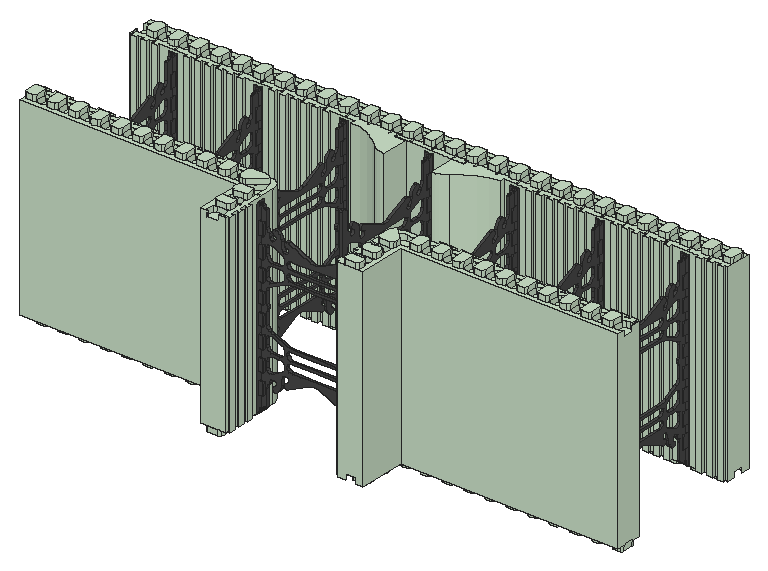
Revit family (continued)
Forms (mm)
  Extrusion 52, void
    sketch origin (50.818, -0.02, 0) x (0, -1, 0) y (1, 0, 0)
      loop
        arc (-130.453, -656.003) -> (-128.147, -659.184) -> (-124.411, -660.4) r 6.35
        line (-124.411, -660.4) -> (-101.014, -660.4)
        arc (-101.014, -660.4) -> (-98.696, -659.961) -> (-96.698, -658.708) r 6.35
        arc (-96.698, -658.708) -> (-96.199, -658.394) -> (-95.62, -658.285) r 1.588
        line (-95.62, -658.285) -> (-86.829, -658.285) -> (-86.829, -653.946) -> (-92.457, -653.946)
        arc (-92.457, -653.946) -> (-93.668, -653.385) -> (-94.024, -652.1) r 1.588
        arc (-94.024, -652.1) -> (-93.737, -645.691) -> (-94.972, -639.396) r 26.988
        arc (-94.972, -639.396) -> (-97.278, -636.215) -> (-101.014, -635) r 6.35
        line (-101.014, -635) -> (-124.411, -635)
        arc (-124.411, -635) -> (-128.147, -636.215) -> (-130.453, -639.396) r 6.35
    from 457.2 to 444.5
  Extrusion 53, void
    sketch origin (101.618, -0.02, 0) x (0, -1, 0) y (1, 0, 0)
      loop
        arc (-130.453, -639.396) -> (-131.763, -647.7) -> (-130.453, -656.003) r 26.987
        arc (-130.453, -656.003) -> (-128.147, -659.184) -> (-124.411, -660.4) r 6.35
        line (-124.411, -660.4) -> (-101.014, -660.4)
        arc (-101.014, -660.4) -> (-98.696, -659.961) -> (-96.698, -658.708) r 6.35
        arc (-96.698, -658.708) -> (-96.199, -658.394) -> (-95.62, -658.285) r 1.588
        line (-95.62, -658.285) -> (-86.829, -658.285) -> (-86.829, -653.946) -> (-92.457, -653.946)
        arc (-92.457, -653.946) -> (-93.668, -653.385) -> (-94.024, -652.1) r 1.588
        arc (-94.024, -652.1) -> (-93.737, -645.691) -> (-94.972, -639.396) r 26.988
        arc (-94.972, -639.396) -> (-97.278, -636.215) -> (-101.014, -635) r 6.35
        line (-101.014, -635) -> (-124.411, -635)
        arc (-124.411, -635) -> (-128.147, -636.215) -> (-130.453, -639.396) r 6.35
    from 457.2 to 444.5
  Extrusion 54, void
    sketch origin (-914.381, -101.619, 0) x (0, 1, 0) y (-1, 0, 0)
      loop
        arc (-130.453, -639.396) -> (-131.763, -647.7) -> (-130.453, -656.003) r 26.987
        arc (-130.453, -656.003) -> (-128.147, -659.184) -> (-124.411, -660.4) r 6.35
        line (-124.411, -660.4) -> (-101.014, -660.4)
        arc (-101.014, -660.4) -> (-98.696, -659.961) -> (-96.698, -658.708) r 6.35
        arc (-96.698, -658.708) -> (-96.199, -658.394) -> (-95.62, -658.285) r 1.588
        line (-95.62, -658.285) -> (-86.829, -658.285) -> (-86.829, -653.946) -> (-92.457, -653.946)
        arc (-92.457, -653.946) -> (-93.668, -653.385) -> (-94.024, -652.1) r 1.588
        arc (-94.024, -652.1) -> (-93.737, -645.691) -> (-94.972, -639.396) r 26.988
        arc (-94.972, -639.396) -> (-97.278, -636.215) -> (-101.014, -635) r 6.35
        line (-101.014, -635) -> (-124.411, -635)
        arc (-124.411, -635) -> (-128.147, -636.215) -> (-130.453, -639.396) r 6.35
    from 457.2 to 444.5
  Extrusion 55, void
    sketch origin (-965.181, -101.619, 0) x (0, 1, 0) y (-1, 0, 0)
      loop
        arc (-130.453, -639.396) -> (-131.763, -647.7) -> (-130.453, -656.003) r 26.987
        arc (-130.453, -656.003) -> (-128.147, -659.184) -> (-124.411, -660.4) r 6.35
        line (-124.411, -660.4) -> (-101.014, -660.4)
        arc (-101.014, -660.4) -> (-98.696, -659.961) -> (-96.698, -658.708) r 6.35
        arc (-96.698, -658.708) -> (-96.199, -658.394) -> (-95.62, -658.285) r 1.588
        line (-95.62, -658.285) -> (-86.829, -658.285) -> (-86.829, -653.946) -> (-92.457, -653.946)
        arc (-92.457, -653.946) -> (-93.668, -653.385) -> (-94.024, -652.1) r 1.588
        arc (-94.024, -652.1) -> (-93.737, -645.691) -> (-94.972, -639.396) r 26.988
        arc (-94.972, -639.396) -> (-97.278, -636.215) -> (-101.014, -635) r 6.35
        line (-101.014, -635) -> (-124.411, -635)
        arc (-124.411, -635) -> (-128.147, -636.215) -> (-130.453, -639.396) r 6.35
    from 457.2 to 444.5
  Extrusion 56, void
    sketch origin (-1015.981, -101.619, 0) x (0, 1, 0) y (-1, 0, 0)
      loop
        arc (-130.453, -639.396) -> (-131.763, -647.7) -> (-130.453, -656.003) r 26.987
        arc (-130.453, -656.003) -> (-128.147, -659.184) -> (-124.411, -660.4) r 6.35
        line (-124.411, -660.4) -> (-101.014, -660.4)
        arc (-101.014, -660.4) -> (-98.696, -659.961) -> (-96.698, -658.708) r 6.35
        arc (-96.698, -658.708) -> (-96.199, -658.394) -> (-95.62, -658.285) r 1.588
        line (-95.62, -658.285) -> (-86.829, -658.285) -> (-86.829, -653.946) -> (-92.457, -653.946)
        arc (-92.457, -653.946) -> (-93.668, -653.385) -> (-94.024, -652.1) r 1.588
        arc (-94.024, -652.1) -> (-93.737, -645.691) -> (-94.972, -639.396) r 26.988
        arc (-94.972, -639.396) -> (-97.278, -636.215) -> (-101.014, -635) r 6.35
        line (-101.014, -635) -> (-124.411, -635)
        arc (-124.411, -635) -> (-128.147, -636.215) -> (-130.453, -639.396) r 6.35
    from 457.2 to 444.5
  Extrusion 57, void
    sketch origin (-1066.781, -101.619, 0) x (0, 1, 0) y (-1, 0, 0)
      loop
        arc (-130.453, -639.396) -> (-131.763, -647.7) -> (-130.453, -656.003) r 26.987
        arc (-130.453, -656.003) -> (-128.147, -659.184) -> (-124.411, -660.4) r 6.35
        line (-124.411, -660.4) -> (-101.014, -660.4)
        arc (-101.014, -660.4) -> (-98.696, -659.961) -> (-96.698, -658.708) r 6.35
        arc (-96.698, -658.708) -> (-96.199, -658.394) -> (-95.62, -658.285) r 1.588
        line (-95.62, -658.285) -> (-86.829, -658.285) -> (-86.829, -653.946) -> (-92.457, -653.946)
        arc (-92.457, -653.946) -> (-93.668, -653.385) -> (-94.024, -652.1) r 1.588
        arc (-94.024, -652.1) -> (-93.737, -645.691) -> (-94.972, -639.396) r 26.988
        arc (-94.972, -639.396) -> (-97.278, -636.215) -> (-101.014, -635) r 6.35
        line (-101.014, -635) -> (-124.411, -635)
        arc (-124.411, -635) -> (-128.147, -636.215) -> (-130.453, -639.396) r 6.35
    from 457.2 to 444.5
  Extrusion 58, void
    sketch origin (-1117.581, -101.619, 0) x (0, 1, 0) y (-1, 0, 0)
      loop
        arc (-130.453, -639.396) -> (-131.763, -647.7) -> (-130.453, -656.003) r 26.987
        arc (-130.453, -656.003) -> (-128.147, -659.184) -> (-124.411, -660.4) r 6.35
        line (-124.411, -660.4) -> (-101.014, -660.4)
        arc (-101.014, -660.4) -> (-98.696, -659.961) -> (-96.698, -658.708) r 6.35
        arc (-96.698, -658.708) -> (-96.199, -658.394) -> (-95.62, -658.285) r 1.588
        line (-95.62, -658.285) -> (-86.829, -658.285) -> (-86.829, -653.946) -> (-92.457, -653.946)
        arc (-92.457, -653.946) -> (-93.668, -653.385) -> (-94.024, -652.1) r 1.588
        arc (-94.024, -652.1) -> (-93.737, -645.691) -> (-94.972, -639.396) r 26.988
        arc (-94.972, -639.396) -> (-97.278, -636.215) -> (-101.014, -635) r 6.35
        line (-101.014, -635) -> (-124.411, -635)
        arc (-124.411, -635) -> (-128.147, -636.215) -> (-130.453, -639.396) r 6.35
    from 457.2 to 444.5
  Extrusion 59, void
    sketch origin (-1168.381, -101.619, 0) x (0, 1, 0) y (-1, 0, 0)
      loop
        arc (-130.453, -639.396) -> (-131.763, -647.7) -> (-130.453, -656.003) r 26.987
        arc (-130.453, -656.003) -> (-128.147, -659.184) -> (-124.411, -660.4) r 6.35
        line (-124.411, -660.4) -> (-101.014, -660.4)
        arc (-101.014, -660.4) -> (-98.696, -659.961) -> (-96.698, -658.708) r 6.35
        arc (-96.698, -658.708) -> (-96.199, -658.394) -> (-95.62, -658.285) r 1.588
        line (-95.62, -658.285) -> (-86.829, -658.285) -> (-86.829, -653.946) -> (-92.457, -653.946)
        arc (-92.457, -653.946) -> (-93.668, -653.385) -> (-94.024, -652.1) r 1.588
        arc (-94.024, -652.1) -> (-93.737, -645.691) -> (-94.972, -639.396) r 26.988
        arc (-94.972, -639.396) -> (-97.278, -636.215) -> (-101.014, -635) r 6.35
        line (-101.014, -635) -> (-124.411, -635)
        arc (-124.411, -635) -> (-128.147, -636.215) -> (-130.453, -639.396) r 6.35
    from 457.2 to 444.5
  Extrusion 60, void
    sketch origin (-1219.181, -101.619, 0) x (0, 1, 0) y (-1, 0, 0)
      loop
        arc (-130.453, -639.396) -> (-131.763, -647.7) -> (-130.453, -656.003) r 26.987
        arc (-130.453, -656.003) -> (-128.147, -659.184) -> (-124.411, -660.4) r 6.35
        line (-124.411, -660.4) -> (-101.014, -660.4)
        arc (-101.014, -660.4) -> (-98.696, -659.961) -> (-96.698, -658.708) r 6.35
        arc (-96.698, -658.708) -> (-96.199, -658.394) -> (-95.62, -658.285) r 1.588
        line (-95.62, -658.285) -> (-86.829, -658.285) -> (-86.829, -653.946) -> (-92.457, -653.946)
        arc (-92.457, -653.946) -> (-93.668, -653.385) -> (-94.024, -652.1) r 1.588
        arc (-94.024, -652.1) -> (-93.737, -645.691) -> (-94.972, -639.396) r 26.988
        arc (-94.972, -639.396) -> (-97.278, -636.215) -> (-101.014, -635) r 6.35
        line (-101.014, -635) -> (-124.411, -635)
        arc (-124.411, -635) -> (-128.147, -636.215) -> (-130.453, -639.396) r 6.35
    from 457.2 to 444.5
  Extrusion 61, void
    sketch origin (-1269.981, -101.619, 0) x (0, 1, 0) y (-1, 0, 0)
      loop
        arc (-130.453, -639.396) -> (-131.763, -647.7) -> (-130.453, -656.003) r 26.987
        arc (-130.453, -656.003) -> (-128.147, -659.184) -> (-124.411, -660.4) r 6.35
        line (-124.411, -660.4) -> (-101.014, -660.4)
        arc (-101.014, -660.4) -> (-98.696, -659.961) -> (-96.698, -658.708) r 6.35
        arc (-96.698, -658.708) -> (-96.199, -658.394) -> (-95.62, -658.285) r 1.588
        line (-95.62, -658.285) -> (-86.829, -658.285) -> (-86.829, -653.946) -> (-92.457, -653.946)
        arc (-92.457, -653.946) -> (-93.668, -653.385) -> (-94.024, -652.1) r 1.588
        arc (-94.024, -652.1) -> (-93.737, -645.691) -> (-94.972, -639.396) r 26.988
        arc (-94.972, -639.396) -> (-97.278, -636.215) -> (-101.014, -635) r 6.35
        line (-101.014, -635) -> (-124.411, -635)
        arc (-124.411, -635) -> (-128.147, -636.215) -> (-130.453, -639.396) r 6.35
    from 457.2 to 444.5
  Extrusion 62, void
    sketch origin (-253.981, -101.619, 0) x (0, 1, 0) y (-1, 0, 0)
      loop
        arc (-130.453, -639.396) -> (-131.763, -647.7) -> (-130.453, -656.003) r 26.987
        arc (-130.453, -656.003) -> (-128.147, -659.184) -> (-124.411, -660.4) r 6.35
        line (-124.411, -660.4) -> (-101.014, -660.4)
        arc (-101.014, -660.4) -> (-98.696, -659.961) -> (-96.698, -658.708) r 6.35
        arc (-96.698, -658.708) -> (-96.199, -658.394) -> (-95.62, -658.285) r 1.588
        line (-95.62, -658.285) -> (-86.829, -658.285) -> (-86.829, -653.946) -> (-92.457, -653.946)
        arc (-92.457, -653.946) -> (-93.668, -653.385) -> (-94.024, -652.1) r 1.588
        arc (-94.024, -652.1) -> (-93.737, -645.691) -> (-94.972, -639.396) r 26.988
        arc (-94.972, -639.396) -> (-97.278, -636.215) -> (-101.014, -635) r 6.35
        line (-101.014, -635) -> (-124.411, -635)
        arc (-124.411, -635) -> (-128.147, -636.215) -> (-130.453, -639.396) r 6.35
    from 457.2 to 444.5
  Extrusion 63, void
    sketch origin (-203.181, -101.619, 0) x (0, 1, 0) y (-1, 0, 0)
      loop
        arc (-130.453, -639.396) -> (-131.763, -647.7) -> (-130.453, -656.003) r 26.987
        arc (-130.453, -656.003) -> (-128.147, -659.184) -> (-124.411, -660.4) r 6.35
        line (-124.411, -660.4) -> (-101.014, -660.4)
        arc (-101.014, -660.4) -> (-98.696, -659.961) -> (-96.698, -658.708) r 6.35
        arc (-96.698, -658.708) -> (-96.199, -658.394) -> (-95.62, -658.285) r 1.588
        line (-95.62, -658.285) -> (-86.829, -658.285) -> (-86.829, -653.946) -> (-92.457, -653.946)
        arc (-92.457, -653.946) -> (-93.668, -653.385) -> (-94.024, -652.1) r 1.588
        arc (-94.024, -652.1) -> (-93.737, -645.691) -> (-94.972, -639.396) r 26.988
        arc (-94.972, -639.396) -> (-97.278, -636.215) -> (-101.014, -635) r 6.35
        line (-101.014, -635) -> (-124.411, -635)
        arc (-124.411, -635) -> (-128.147, -636.215) -> (-130.453, -639.396) r 6.35
    from 457.2 to 444.5
  Extrusion 64, void
    sketch origin (-152.381, -101.619, 0) x (0, 1, 0) y (-1, 0, 0)
      loop
        arc (-130.453, -639.396) -> (-131.763, -647.7) -> (-130.453, -656.003) r 26.987
        arc (-130.453, -656.003) -> (-128.147, -659.184) -> (-124.411, -660.4) r 6.35
        line (-124.411, -660.4) -> (-101.014, -660.4)
        arc (-101.014, -660.4) -> (-98.696, -659.961) -> (-96.698, -658.708) r 6.35
        arc (-96.698, -658.708) -> (-96.199, -658.394) -> (-95.62, -658.285) r 1.588
        line (-95.62, -658.285) -> (-86.829, -658.285) -> (-86.829, -653.946) -> (-92.457, -653.946)
        arc (-92.457, -653.946) -> (-93.668, -653.385) -> (-94.024, -652.1) r 1.588
        arc (-94.024, -652.1) -> (-93.737, -645.691) -> (-94.972, -639.396) r 26.988
        arc (-94.972, -639.396) -> (-97.278, -636.215) -> (-101.014, -635) r 6.35
        line (-101.014, -635) -> (-124.411, -635)
        arc (-124.411, -635) -> (-128.147, -636.215) -> (-130.453, -639.396) r 6.35
    from 457.2 to 444.5
  Extrusion 65, void
    sketch origin (-101.581, -101.619, 0) x (0, 1, 0) y (-1, 0, 0)
      loop
        arc (-130.453, -639.396) -> (-131.763, -647.7) -> (-130.453, -656.003) r 26.987
        arc (-130.453, -656.003) -> (-128.147, -659.184) -> (-124.411, -660.4) r 6.35
        line (-124.411, -660.4) -> (-101.014, -660.4)
        arc (-101.014, -660.4) -> (-98.696, -659.961) -> (-96.698, -658.708) r 6.35
        arc (-96.698, -658.708) -> (-96.199, -658.394) -> (-95.62, -658.285) r 1.588
        line (-95.62, -658.285) -> (-86.829, -658.285) -> (-86.829, -653.946) -> (-92.457, -653.946)
        arc (-92.457, -653.946) -> (-93.668, -653.385) -> (-94.024, -652.1) r 1.588
        arc (-94.024, -652.1) -> (-93.737, -645.691) -> (-94.972, -639.396) r 26.988
        arc (-94.972, -639.396) -> (-97.278, -636.215) -> (-101.014, -635) r 6.35
        line (-101.014, -635) -> (-124.411, -635)
        arc (-124.411, -635) -> (-128.147, -636.215) -> (-130.453, -639.396) r 6.35
    from 457.2 to 444.5
  Extrusion 66, void
    sketch origin (-50.781, -101.619, 0) x (0, 1, 0) y (-1, 0, 0)
      loop
        arc (-130.453, -639.396) -> (-131.763, -647.7) -> (-130.453, -656.003) r 26.987
        arc (-130.453, -656.003) -> (-128.147, -659.184) -> (-124.411, -660.4) r 6.35
        line (-124.411, -660.4) -> (-101.014, -660.4)
        arc (-101.014, -660.4) -> (-98.696, -659.961) -> (-96.698, -658.708) r 6.35
        arc (-96.698, -658.708) -> (-96.199, -658.394) -> (-95.62, -658.285) r 1.588
        line (-95.62, -658.285) -> (-86.829, -658.285) -> (-86.829, -653.946) -> (-92.457, -653.946)
        arc (-92.457, -653.946) -> (-93.668, -653.385) -> (-94.024, -652.1) r 1.588
        arc (-94.024, -652.1) -> (-93.737, -645.691) -> (-94.972, -639.396) r 26.988
        arc (-94.972, -639.396) -> (-97.278, -636.215) -> (-101.014, -635) r 6.35
        line (-101.014, -635) -> (-124.411, -635)
        arc (-124.411, -635) -> (-128.147, -636.215) -> (-130.453, -639.396) r 6.35
    from 457.2 to 444.5
  Extrusion 67, void
    sketch origin (0.019, -101.619, 0) x (0, 1, 0) y (-1, 0, 0)
      loop
        arc (-130.453, -639.396) -> (-131.763, -647.7) -> (-130.453, -656.003) r 26.987
        arc (-130.453, -656.003) -> (-128.147, -659.184) -> (-124.411, -660.4) r 6.35
        line (-124.411, -660.4) -> (-101.014, -660.4)
        arc (-101.014, -660.4) -> (-98.696, -659.961) -> (-96.698, -658.708) r 6.35
        arc (-96.698, -658.708) -> (-96.199, -658.394) -> (-95.62, -658.285) r 1.588
        line (-95.62, -658.285) -> (-86.829, -658.285) -> (-86.829, -653.946) -> (-92.457, -653.946)
        arc (-92.457, -653.946) -> (-93.668, -653.385) -> (-94.024, -652.1) r 1.588
        arc (-94.024, -652.1) -> (-93.737, -645.691) -> (-94.972, -639.396) r 26.988
        arc (-94.972, -639.396) -> (-97.278, -636.215) -> (-101.014, -635) r 6.35
        line (-101.014, -635) -> (-124.411, -635)
        arc (-124.411, -635) -> (-128.147, -636.215) -> (-130.453, -639.396) r 6.35
    from 457.2 to 444.5
  Extrusion 68, void
    sketch origin (50.819, -101.619, 0) x (0, 1, 0) y (-1, 0, 0)
      loop
        arc (-130.453, -639.396) -> (-131.763, -647.7) -> (-130.453, -656.003) r 26.987
        arc (-130.453, -656.003) -> (-128.147, -659.184) -> (-124.411, -660.4) r 6.35
        line (-124.411, -660.4) -> (-101.014, -660.4)
        arc (-101.014, -660.4) -> (-98.696, -659.961) -> (-96.698, -658.708) r 6.35
        arc (-96.698, -658.708) -> (-96.199, -658.394) -> (-95.62, -658.285) r 1.588
        line (-95.62, -658.285) -> (-86.829, -658.285) -> (-86.829, -653.946) -> (-92.457, -653.946)
        arc (-92.457, -653.946) -> (-93.668, -653.385) -> (-94.024, -652.1) r 1.588
        arc (-94.024, -652.1) -> (-93.737, -645.691) -> (-94.972, -639.396) r 26.988
        arc (-94.972, -639.396) -> (-97.278, -636.215) -> (-101.014, -635) r 6.35
        line (-101.014, -635) -> (-124.411, -635)
        arc (-124.411, -635) -> (-128.147, -636.215) -> (-130.453, -639.396) r 6.35
    from 457.2 to 444.5
  Extrusion 69, void
    sketch origin (101.619, -101.619, 0) x (0, 1, 0) y (-1, 0, 0)
      loop
        arc (-130.453, -639.396) -> (-131.763, -647.7) -> (-130.453, -656.003) r 26.987
        arc (-130.453, -656.003) -> (-128.147, -659.184) -> (-124.411, -660.4) r 6.35
        line (-124.411, -660.4) -> (-101.014, -660.4)
        arc (-101.014, -660.4) -> (-98.696, -659.961) -> (-96.698, -658.708) r 6.35
        arc (-96.698, -658.708) -> (-96.199, -658.394) -> (-95.62, -658.285) r 1.588
        line (-95.62, -658.285) -> (-86.829, -658.285) -> (-86.829, -653.946) -> (-92.457, -653.946)
        arc (-92.457, -653.946) -> (-93.668, -653.385) -> (-94.024, -652.1) r 1.588
        arc (-94.024, -652.1) -> (-93.737, -645.691) -> (-94.972, -639.396) r 26.988
        arc (-94.972, -639.396) -> (-97.278, -636.215) -> (-101.014, -635) r 6.35
        line (-101.014, -635) -> (-124.411, -635)
        arc (-124.411, -635) -> (-128.147, -636.215) -> (-130.453, -639.396) r 6.35
    from 457.2 to 444.5
  Extrusion 70, void
    sketch origin (965.218, -0.02, 0) x (0, -1, 0) y (1, 0, 0)
      loop
        arc (-130.453, -639.396) -> (-131.763, -647.7) -> (-130.453, -656.003) r 26.987
        arc (-130.453, -656.003) -> (-128.147, -659.184) -> (-124.411, -660.4) r 6.35
        line (-124.411, -660.4) -> (-101.014, -660.4)
        arc (-101.014, -660.4) -> (-98.696, -659.961) -> (-96.698, -658.708) r 6.35
        arc (-96.698, -658.708) -> (-96.199, -658.394) -> (-95.62, -658.285) r 1.588
        line (-95.62, -658.285) -> (-86.829, -658.285) -> (-86.829, -653.946) -> (-92.457, -653.946)
        arc (-92.457, -653.946) -> (-93.668, -653.385) -> (-94.024, -652.1) r 1.588
        arc (-94.024, -652.1) -> (-93.737, -645.691) -> (-94.972, -639.396) r 26.988
        arc (-94.972, -639.396) -> (-97.278, -636.215) -> (-101.014, -635) r 6.35
        line (-101.014, -635) -> (-124.411, -635)
        arc (-124.411, -635) -> (-128.147, -636.215) -> (-130.453, -639.396) r 6.35
    from 457.2 to 444.5
  Extrusion 71, void
    sketch origin (1016.018, -0.02, 0) x (0, -1, 0) y (1, 0, 0)
      loop
        arc (-130.453, -639.396) -> (-131.763, -647.7) -> (-130.453, -656.003) r 26.987
        arc (-130.453, -656.003) -> (-128.147, -659.184) -> (-124.411, -660.4) r 6.35
        line (-124.411, -660.4) -> (-101.014, -660.4)
        arc (-101.014, -660.4) -> (-98.696, -659.961) -> (-96.698, -658.708) r 6.35
        arc (-96.698, -658.708) -> (-96.199, -658.394) -> (-95.62, -658.285) r 1.588
        line (-95.62, -658.285) -> (-86.829, -658.285) -> (-86.829, -653.946) -> (-92.457, -653.946)
        arc (-92.457, -653.946) -> (-93.668, -653.385) -> (-94.024, -652.1) r 1.588
        arc (-94.024, -652.1) -> (-93.737, -645.691) -> (-94.972, -639.396) r 26.988
        arc (-94.972, -639.396) -> (-97.278, -636.215) -> (-101.014, -635) r 6.35
        line (-101.014, -635) -> (-124.411, -635)
        arc (-124.411, -635) -> (-128.147, -636.215) -> (-130.453, -639.396) r 6.35
    from 457.2 to 444.5
  Extrusion 72, void
    sketch origin (1066.818, -0.02, 0) x (0, -1, 0) y (1, 0, 0)
      loop
        arc (-130.453, -639.396) -> (-131.763, -647.7) -> (-130.453, -656.003) r 26.987
        arc (-130.453, -656.003) -> (-128.147, -659.184) -> (-124.411, -660.4) r 6.35
        line (-124.411, -660.4) -> (-101.014, -660.4)
        arc (-101.014, -660.4) -> (-98.696, -659.961) -> (-96.698, -658.708) r 6.35
        arc (-96.698, -658.708) -> (-96.199, -658.394) -> (-95.62, -658.285) r 1.588
        line (-95.62, -658.285) -> (-86.829, -658.285) -> (-86.829, -653.946) -> (-92.457, -653.946)
        arc (-92.457, -653.946) -> (-93.668, -653.385) -> (-94.024, -652.1) r 1.588
        arc (-94.024, -652.1) -> (-93.737, -645.691) -> (-94.972, -639.396) r 26.988
        arc (-94.972, -639.396) -> (-97.278, -636.215) -> (-101.014, -635) r 6.35
        line (-101.014, -635) -> (-124.411, -635)
        arc (-124.411, -635) -> (-128.147, -636.215) -> (-130.453, -639.396) r 6.35
    from 457.2 to 444.5
  Extrusion 73, void
    sketch origin (1117.618, -0.02, 0) x (0, -1, 0) y (1, 0, 0)
      loop
        arc (-130.453, -639.396) -> (-131.763, -647.7) -> (-130.453, -656.003) r 26.987
        arc (-130.453, -656.003) -> (-128.147, -659.184) -> (-124.411, -660.4) r 6.35
        line (-124.411, -660.4) -> (-101.014, -660.4)
        arc (-101.014, -660.4) -> (-98.696, -659.961) -> (-96.698, -658.708) r 6.35
        arc (-96.698, -658.708) -> (-96.199, -658.394) -> (-95.62, -658.285) r 1.588
        line (-95.62, -658.285) -> (-86.829, -658.285) -> (-86.829, -653.946) -> (-92.457, -653.946)
        arc (-92.457, -653.946) -> (-93.668, -653.385) -> (-94.024, -652.1) r 1.588
        arc (-94.024, -652.1) -> (-93.737, -645.691) -> (-94.972, -639.396) r 26.988
        arc (-94.972, -639.396) -> (-97.278, -636.215) -> (-101.014, -635) r 6.35
        line (-101.014, -635) -> (-124.411, -635)
        arc (-124.411, -635) -> (-128.147, -636.215) -> (-130.453, -639.396) r 6.35
    from 457.2 to 444.5
  Extrusion 74, void
    sketch origin (1168.418, -0.02, 0) x (0, -1, 0) y (1, 0, 0)
      loop
        arc (-130.453, -639.396) -> (-131.763, -647.7) -> (-130.453, -656.003) r 26.987
        arc (-130.453, -656.003) -> (-128.147, -659.184) -> (-124.411, -660.4) r 6.35
        line (-124.411, -660.4) -> (-101.014, -660.4)
        arc (-101.014, -660.4) -> (-98.696, -659.961) -> (-96.698, -658.708) r 6.35
        arc (-96.698, -658.708) -> (-96.199, -658.394) -> (-95.62, -658.285) r 1.588
        line (-95.62, -658.285) -> (-86.829, -658.285) -> (-86.829, -653.946) -> (-92.457, -653.946)
        arc (-92.457, -653.946) -> (-93.668, -653.385) -> (-94.024, -652.1) r 1.588
        arc (-94.024, -652.1) -> (-93.737, -645.691) -> (-94.972, -639.396) r 26.988
        arc (-94.972, -639.396) -> (-97.278, -636.215) -> (-101.014, -635) r 6.35
        line (-101.014, -635) -> (-124.411, -635)
        arc (-124.411, -635) -> (-128.147, -636.215) -> (-130.453, -639.396) r 6.35
    from 457.2 to 444.5
  Extrusion 75, void
    sketch origin (1219.218, -0.02, 0) x (0, -1, 0) y (1, 0, 0)
      loop
        arc (-130.453, -639.396) -> (-131.763, -647.7) -> (-130.453, -656.003) r 26.987
        arc (-130.453, -656.003) -> (-128.147, -659.184) -> (-124.411, -660.4) r 6.35
        line (-124.411, -660.4) -> (-101.014, -660.4)
        arc (-101.014, -660.4) -> (-98.696, -659.961) -> (-96.698, -658.708) r 6.35
        arc (-96.698, -658.708) -> (-96.199, -658.394) -> (-95.62, -658.285) r 1.588
        line (-95.62, -658.285) -> (-86.829, -658.285) -> (-86.829, -653.946) -> (-92.457, -653.946)
        arc (-92.457, -653.946) -> (-93.668, -653.385) -> (-94.024, -652.1) r 1.588
        arc (-94.024, -652.1) -> (-93.737, -645.691) -> (-94.972, -639.396) r 26.988
        arc (-94.972, -639.396) -> (-97.278, -636.215) -> (-101.014, -635) r 6.35
        line (-101.014, -635) -> (-124.411, -635)
        arc (-124.411, -635) -> (-128.147, -636.215) -> (-130.453, -639.396) r 6.35
    from 457.2 to 444.5
  Extrusion 76, void
    sketch origin (1270.018, -0.02, 0) x (0, -1, 0) y (1, 0, 0)
      loop
        arc (-130.453, -639.396) -> (-131.763, -647.7) -> (-130.453, -656.003) r 26.987
        arc (-130.453, -656.003) -> (-128.147, -659.184) -> (-124.411, -660.4) r 6.35
        line (-124.411, -660.4) -> (-101.014, -660.4)
        arc (-101.014, -660.4) -> (-98.696, -659.961) -> (-96.698, -658.708) r 6.35
        arc (-96.698, -658.708) -> (-96.199, -658.394) -> (-95.62, -658.285) r 1.588
        line (-95.62, -658.285) -> (-86.829, -658.285) -> (-86.829, -653.946) -> (-92.457, -653.946)
        arc (-92.457, -653.946) -> (-93.668, -653.385) -> (-94.024, -652.1) r 1.588
        arc (-94.024, -652.1) -> (-93.737, -645.691) -> (-94.972, -639.396) r 26.988
        arc (-94.972, -639.396) -> (-97.278, -636.215) -> (-101.014, -635) r 6.35
        line (-101.014, -635) -> (-124.411, -635)
        arc (-124.411, -635) -> (-128.147, -636.215) -> (-130.453, -639.396) r 6.35
    from 457.2 to 444.5
  Extrusion 77, void
    sketch origin (914.418, -0.02, 0) x (0, -1, 0) y (1, 0, 0)
      loop
        arc (-130.453, -639.396) -> (-131.763, -647.7) -> (-130.453, -656.003) r 26.987
        arc (-130.453, -656.003) -> (-128.147, -659.184) -> (-124.411, -660.4) r 6.35
        line (-124.411, -660.4) -> (-101.014, -660.4)
        arc (-101.014, -660.4) -> (-98.696, -659.961) -> (-96.698, -658.708) r 6.35
        arc (-96.698, -658.708) -> (-96.199, -658.394) -> (-95.62, -658.285) r 1.588
        line (-95.62, -658.285) -> (-86.829, -658.285) -> (-86.829, -653.946) -> (-92.457, -653.946)
        arc (-92.457, -653.946) -> (-93.668, -653.385) -> (-94.024, -652.1) r 1.588
        arc (-94.024, -652.1) -> (-93.737, -645.691) -> (-94.972, -639.396) r 26.988
        arc (-94.972, -639.396) -> (-97.278, -636.215) -> (-101.014, -635) r 6.35
        line (-101.014, -635) -> (-124.411, -635)
        arc (-124.411, -635) -> (-128.147, -636.215) -> (-130.453, -639.396) r 6.35
    from 457.2 to 444.5
  Extrusion 78, void
    sketch origin (355.618, -101.619, 0) x (0, 1, 0) y (-1, 0, 0)
      loop
        arc (-130.453, 639.396) -> (-128.147, 636.215) -> (-124.411, 635) r 6.35
        line (-124.411, 635) -> (-101.014, 635)
        arc (-101.014, 635) -> (-97.278, 636.215) -> (-94.972, 639.396) r 6.35
        arc (-94.972, 639.396) -> (-93.737, 645.691) -> (-94.024, 652.1) r 26.988
        arc (-94.024, 652.1) -> (-93.668, 653.385) -> (-92.457, 653.946) r 1.588
        line (-92.457, 653.946) -> (-86.829, 653.946) -> (-86.829, 658.285) -> (-95.62, 658.285)
        arc (-95.62, 658.285) -> (-96.199, 658.394) -> (-96.698, 658.708) r 1.588
        arc (-96.698, 658.708) -> (-98.696, 659.961) -> (-101.014, 660.4) r 6.35
        line (-101.014, 660.4) -> (-124.411, 660.4)
        arc (-124.411, 660.4) -> (-128.147, 659.184) -> (-130.453, 656.003) r 6.35
        arc (-130.453, 656.003) -> (-131.763, 647.7) -> (-130.453, 639.396) r 26.987
    from 0 to 12.7
  Extrusion 79, void
    sketch origin (304.818, -101.619, 0) x (0, 1, 0) y (-1, 0, 0)
      loop
        arc (-130.453, 639.396) -> (-128.147, 636.215) -> (-124.411, 635) r 6.35
        line (-124.411, 635) -> (-101.014, 635)
        arc (-101.014, 635) -> (-97.278, 636.215) -> (-94.972, 639.396) r 6.35
        arc (-94.972, 639.396) -> (-93.737, 645.691) -> (-94.024, 652.1) r 26.988
        arc (-94.024, 652.1) -> (-93.668, 653.385) -> (-92.457, 653.946) r 1.588
        line (-92.457, 653.946) -> (-86.829, 653.946) -> (-86.829, 658.285) -> (-95.62, 658.285)
        arc (-95.62, 658.285) -> (-96.199, 658.394) -> (-96.698, 658.708) r 1.588
        arc (-96.698, 658.708) -> (-98.696, 659.961) -> (-101.014, 660.4) r 6.35
        line (-101.014, 660.4) -> (-124.411, 660.4)
        arc (-124.411, 660.4) -> (-128.147, 659.184) -> (-130.453, 656.003) r 6.35
        arc (-130.453, 656.003) -> (-131.763, 647.7) -> (-130.453, 639.396) r 26.987
    from 0 to 12.7
  Extrusion 80, void
    sketch origin (254.018, -101.619, 0) x (0, 1, 0) y (-1, 0, 0)
      loop
        arc (-130.453, 639.396) -> (-128.147, 636.215) -> (-124.411, 635) r 6.35
        line (-124.411, 635) -> (-101.014, 635)
        arc (-101.014, 635) -> (-97.278, 636.215) -> (-94.972, 639.396) r 6.35
        arc (-94.972, 639.396) -> (-93.737, 645.691) -> (-94.024, 652.1) r 26.988
        arc (-94.024, 652.1) -> (-93.668, 653.385) -> (-92.457, 653.946) r 1.588
        line (-92.457, 653.946) -> (-86.829, 653.946) -> (-86.829, 658.285) -> (-95.62, 658.285)
        arc (-95.62, 658.285) -> (-96.199, 658.394) -> (-96.698, 658.708) r 1.588
        arc (-96.698, 658.708) -> (-98.696, 659.961) -> (-101.014, 660.4) r 6.35
        line (-101.014, 660.4) -> (-124.411, 660.4)
        arc (-124.411, 660.4) -> (-128.147, 659.184) -> (-130.453, 656.003) r 6.35
        arc (-130.453, 656.003) -> (-131.763, 647.7) -> (-130.453, 639.396) r 26.987
    from 0 to 12.7
  Extrusion 81, void
    sketch origin (203.218, -101.619, 0) x (0, 1, 0) y (-1, 0, 0)
      loop
        arc (-130.453, 639.396) -> (-128.147, 636.215) -> (-124.411, 635) r 6.35
        line (-124.411, 635) -> (-101.014, 635)
        arc (-101.014, 635) -> (-97.278, 636.215) -> (-94.972, 639.396) r 6.35
        arc (-94.972, 639.396) -> (-93.737, 645.691) -> (-94.024, 652.1) r 26.988
        arc (-94.024, 652.1) -> (-93.668, 653.385) -> (-92.457, 653.946) r 1.588
        line (-92.457, 653.946) -> (-86.829, 653.946) -> (-86.829, 658.285) -> (-95.62, 658.285)
        arc (-95.62, 658.285) -> (-96.199, 658.394) -> (-96.698, 658.708) r 1.588
        arc (-96.698, 658.708) -> (-98.696, 659.961) -> (-101.014, 660.4) r 6.35
        line (-101.014, 660.4) -> (-124.411, 660.4)
        arc (-124.411, 660.4) -> (-128.147, 659.184) -> (-130.453, 656.003) r 6.35
        arc (-130.453, 656.003) -> (-131.763, 647.7) -> (-130.453, 639.396) r 26.987
    from 0 to 12.7
  Extrusion 82, void
    sketch origin (152.418, -101.619, 0) x (0, 1, 0) y (-1, 0, 0)
      loop
        arc (-130.453, 639.396) -> (-128.147, 636.215) -> (-124.411, 635) r 6.35
        line (-124.411, 635) -> (-101.014, 635)
        arc (-101.014, 635) -> (-97.278, 636.215) -> (-94.972, 639.396) r 6.35
        arc (-94.972, 639.396) -> (-93.737, 645.691) -> (-94.024, 652.1) r 26.988
        arc (-94.024, 652.1) -> (-93.668, 653.385) -> (-92.457, 653.946) r 1.588
        line (-92.457, 653.946) -> (-86.829, 653.946) -> (-86.829, 658.285) -> (-95.62, 658.285)
        arc (-95.62, 658.285) -> (-96.199, 658.394) -> (-96.698, 658.708) r 1.588
        arc (-96.698, 658.708) -> (-98.696, 659.961) -> (-101.014, 660.4) r 6.35
        line (-101.014, 660.4) -> (-124.411, 660.4)
        arc (-124.411, 660.4) -> (-128.147, 659.184) -> (-130.453, 656.003) r 6.35
        arc (-130.453, 656.003) -> (-131.763, 647.7) -> (-130.453, 639.396) r 26.987
    from 0 to 12.7
  Extrusion 83, void
    sketch origin (101.618, -101.619, 0) x (0, 1, 0) y (-1, 0, 0)
      loop
        arc (-130.453, 639.396) -> (-128.147, 636.215) -> (-124.411, 635) r 6.35
        line (-124.411, 635) -> (-101.014, 635)
        arc (-101.014, 635) -> (-97.278, 636.215) -> (-94.972, 639.396) r 6.35
        arc (-94.972, 639.396) -> (-93.737, 645.691) -> (-94.024, 652.1) r 26.988
        arc (-94.024, 652.1) -> (-93.668, 653.385) -> (-92.457, 653.946) r 1.588
        line (-92.457, 653.946) -> (-86.829, 653.946) -> (-86.829, 658.285) -> (-95.62, 658.285)
        arc (-95.62, 658.285) -> (-96.199, 658.394) -> (-96.698, 658.708) r 1.588
        arc (-96.698, 658.708) -> (-98.696, 659.961) -> (-101.014, 660.4) r 6.35
        line (-101.014, 660.4) -> (-124.411, 660.4)
        arc (-124.411, 660.4) -> (-128.147, 659.184) -> (-130.453, 656.003) r 6.35
        arc (-130.453, 656.003) -> (-131.763, 647.7) -> (-130.453, 639.396) r 26.987
    from 0 to 12.7
  Extrusion 84, void
    sketch origin (50.818, -101.619, 0) x (0, 1, 0) y (-1, 0, 0)
      loop
        arc (-130.453, 639.396) -> (-128.147, 636.215) -> (-124.411, 635) r 6.35
        line (-124.411, 635) -> (-101.014, 635)
        arc (-101.014, 635) -> (-97.278, 636.215) -> (-94.972, 639.396) r 6.35
        arc (-94.972, 639.396) -> (-93.737, 645.691) -> (-94.024, 652.1) r 26.988
        arc (-94.024, 652.1) -> (-93.668, 653.385) -> (-92.457, 653.946) r 1.588
        line (-92.457, 653.946) -> (-86.829, 653.946) -> (-86.829, 658.285) -> (-95.62, 658.285)
        arc (-95.62, 658.285) -> (-96.199, 658.394) -> (-96.698, 658.708) r 1.588
        arc (-96.698, 658.708) -> (-98.696, 659.961) -> (-101.014, 660.4) r 6.35
        line (-101.014, 660.4) -> (-124.411, 660.4)
        arc (-124.411, 660.4) -> (-128.147, 659.184) -> (-130.453, 656.003) r 6.35
        arc (-130.453, 656.003) -> (-131.763, 647.7) -> (-130.453, 639.396) r 26.987
    from 0 to 12.7
  Extrusion 85, void
    sketch origin (0.018, -101.619, 0) x (0, 1, 0) y (-1, 0, 0)
      loop
        arc (-130.453, 639.396) -> (-128.147, 636.215) -> (-124.411, 635) r 6.35
        line (-124.411, 635) -> (-101.014, 635)
        arc (-101.014, 635) -> (-97.278, 636.215) -> (-94.972, 639.396) r 6.35
        arc (-94.972, 639.396) -> (-93.737, 645.691) -> (-94.024, 652.1) r 26.988
        arc (-94.024, 652.1) -> (-93.668, 653.385) -> (-92.457, 653.946) r 1.588
        line (-92.457, 653.946) -> (-86.829, 653.946) -> (-86.829, 658.285) -> (-95.62, 658.285)
        arc (-95.62, 658.285) -> (-96.199, 658.394) -> (-96.698, 658.708) r 1.588
        arc (-96.698, 658.708) -> (-98.696, 659.961) -> (-101.014, 660.4) r 6.35
        line (-101.014, 660.4) -> (-124.411, 660.4)
        arc (-124.411, 660.4) -> (-128.147, 659.184) -> (-130.453, 656.003) r 6.35
        arc (-130.453, 656.003) -> (-131.763, 647.7) -> (-130.453, 639.396) r 26.987
    from 0 to 12.7
  Extrusion 86, void
    sketch origin (1016.018, -101.619, 0) x (0, 1, 0) y (-1, 0, 0)
      loop
        arc (-130.453, 639.396) -> (-128.147, 636.215) -> (-124.411, 635) r 6.35
        line (-124.411, 635) -> (-101.014, 635)
        arc (-101.014, 635) -> (-97.278, 636.215) -> (-94.972, 639.396) r 6.35
        arc (-94.972, 639.396) -> (-93.737, 645.691) -> (-94.024, 652.1) r 26.988
        arc (-94.024, 652.1) -> (-93.668, 653.385) -> (-92.457, 653.946) r 1.588
        line (-92.457, 653.946) -> (-86.829, 653.946) -> (-86.829, 658.285) -> (-95.62, 658.285)
        arc (-95.62, 658.285) -> (-96.199, 658.394) -> (-96.698, 658.708) r 1.588
        arc (-96.698, 658.708) -> (-98.696, 659.961) -> (-101.014, 660.4) r 6.35
        line (-101.014, 660.4) -> (-124.411, 660.4)
        arc (-124.411, 660.4) -> (-128.147, 659.184) -> (-130.453, 656.003) r 6.35
        arc (-130.453, 656.003) -> (-131.763, 647.7) -> (-130.453, 639.396) r 26.987
    from 0 to 12.7
  Extrusion 87, void
    sketch origin (1066.818, -101.619, 0) x (0, 1, 0) y (-1, 0, 0)
      loop
        arc (-130.453, 639.396) -> (-128.147, 636.215) -> (-124.411, 635) r 6.35
        line (-124.411, 635) -> (-101.014, 635)
        arc (-101.014, 635) -> (-97.278, 636.215) -> (-94.972, 639.396) r 6.35
        arc (-94.972, 639.396) -> (-93.737, 645.691) -> (-94.024, 652.1) r 26.988
        arc (-94.024, 652.1) -> (-93.668, 653.385) -> (-92.457, 653.946) r 1.588
        line (-92.457, 653.946) -> (-86.829, 653.946) -> (-86.829, 658.285) -> (-95.62, 658.285)
        arc (-95.62, 658.285) -> (-96.199, 658.394) -> (-96.698, 658.708) r 1.588
        arc (-96.698, 658.708) -> (-98.696, 659.961) -> (-101.014, 660.4) r 6.35
        line (-101.014, 660.4) -> (-124.411, 660.4)
        arc (-124.411, 660.4) -> (-128.147, 659.184) -> (-130.453, 656.003) r 6.35
        arc (-130.453, 656.003) -> (-131.763, 647.7) -> (-130.453, 639.396) r 26.987
    from 0 to 12.7
  Extrusion 88, void
    sketch origin (1117.618, -101.619, 0) x (0, 1, 0) y (-1, 0, 0)
      loop
        arc (-130.453, 639.396) -> (-128.147, 636.215) -> (-124.411, 635) r 6.35
        line (-124.411, 635) -> (-101.014, 635)
        arc (-101.014, 635) -> (-97.278, 636.215) -> (-94.972, 639.396) r 6.35
        arc (-94.972, 639.396) -> (-93.737, 645.691) -> (-94.024, 652.1) r 26.988
        arc (-94.024, 652.1) -> (-93.668, 653.385) -> (-92.457, 653.946) r 1.588
        line (-92.457, 653.946) -> (-86.829, 653.946) -> (-86.829, 658.285) -> (-95.62, 658.285)
        arc (-95.62, 658.285) -> (-96.199, 658.394) -> (-96.698, 658.708) r 1.588
        arc (-96.698, 658.708) -> (-98.696, 659.961) -> (-101.014, 660.4) r 6.35
        line (-101.014, 660.4) -> (-124.411, 660.4)
        arc (-124.411, 660.4) -> (-128.147, 659.184) -> (-130.453, 656.003) r 6.35
        arc (-130.453, 656.003) -> (-131.763, 647.7) -> (-130.453, 639.396) r 26.987
    from 0 to 12.7
  Extrusion 89, void
    sketch origin (1168.418, -101.619, 0) x (0, 1, 0) y (-1, 0, 0)
      loop
        arc (-130.453, 639.396) -> (-128.147, 636.215) -> (-124.411, 635) r 6.35
        line (-124.411, 635) -> (-101.014, 635)
        arc (-101.014, 635) -> (-97.278, 636.215) -> (-94.972, 639.396) r 6.35
        arc (-94.972, 639.396) -> (-93.737, 645.691) -> (-94.024, 652.1) r 26.988
        arc (-94.024, 652.1) -> (-93.668, 653.385) -> (-92.457, 653.946) r 1.588
        line (-92.457, 653.946) -> (-86.829, 653.946) -> (-86.829, 658.285) -> (-95.62, 658.285)
        arc (-95.62, 658.285) -> (-96.199, 658.394) -> (-96.698, 658.708) r 1.588
        arc (-96.698, 658.708) -> (-98.696, 659.961) -> (-101.014, 660.4) r 6.35
        line (-101.014, 660.4) -> (-124.411, 660.4)
        arc (-124.411, 660.4) -> (-128.147, 659.184) -> (-130.453, 656.003) r 6.35
        arc (-130.453, 656.003) -> (-131.763, 647.7) -> (-130.453, 639.396) r 26.987
    from 0 to 12.7
  Extrusion 90, void
    sketch origin (1219.218, -101.619, 0) x (0, 1, 0) y (-1, 0, 0)
      loop
        arc (-130.453, 639.396) -> (-128.147, 636.215) -> (-124.411, 635) r 6.35
        line (-124.411, 635) -> (-101.014, 635)
        arc (-101.014, 635) -> (-97.278, 636.215) -> (-94.972, 639.396) r 6.35
        arc (-94.972, 639.396) -> (-93.737, 645.691) -> (-94.024, 652.1) r 26.988
        arc (-94.024, 652.1) -> (-93.668, 653.385) -> (-92.457, 653.946) r 1.588
        line (-92.457, 653.946) -> (-86.829, 653.946) -> (-86.829, 658.285) -> (-95.62, 658.285)
        arc (-95.62, 658.285) -> (-96.199, 658.394) -> (-96.698, 658.708) r 1.588
        arc (-96.698, 658.708) -> (-98.696, 659.961) -> (-101.014, 660.4) r 6.35
        line (-101.014, 660.4) -> (-124.411, 660.4)
        arc (-124.411, 660.4) -> (-128.147, 659.184) -> (-130.453, 656.003) r 6.35
        arc (-130.453, 656.003) -> (-131.763, 647.7) -> (-130.453, 639.396) r 26.987
    from 0 to 12.7
  Extrusion 91, void
    sketch origin (1270.018, -101.619, 0) x (0, 1, 0) y (-1, 0, 0)
      loop
        arc (-130.453, 639.396) -> (-128.147, 636.215) -> (-124.411, 635) r 6.35
        line (-124.411, 635) -> (-101.014, 635)
        arc (-101.014, 635) -> (-97.278, 636.215) -> (-94.972, 639.396) r 6.35
        arc (-94.972, 639.396) -> (-93.737, 645.691) -> (-94.024, 652.1) r 26.988
        arc (-94.024, 652.1) -> (-93.668, 653.385) -> (-92.457, 653.946) r 1.588
        line (-92.457, 653.946) -> (-86.829, 653.946) -> (-86.829, 658.285) -> (-95.62, 658.285)
        arc (-95.62, 658.285) -> (-96.199, 658.394) -> (-96.698, 658.708) r 1.588
        arc (-96.698, 658.708) -> (-98.696, 659.961) -> (-101.014, 660.4) r 6.35
        line (-101.014, 660.4) -> (-124.411, 660.4)
        arc (-124.411, 660.4) -> (-128.147, 659.184) -> (-130.453, 656.003) r 6.35
        arc (-130.453, 656.003) -> (-131.763, 647.7) -> (-130.453, 639.396) r 26.987
    from 0 to 12.7
  Extrusion 92, void
    sketch origin (1320.818, -101.619, 0) x (0, 1, 0) y (-1, 0, 0)
      loop
        arc (-130.453, 639.396) -> (-128.147, 636.215) -> (-124.411, 635) r 6.35
        line (-124.411, 635) -> (-101.014, 635)
        arc (-101.014, 635) -> (-97.278, 636.215) -> (-94.972, 639.396) r 6.35
        arc (-94.972, 639.396) -> (-93.737, 645.691) -> (-94.024, 652.1) r 26.988
        arc (-94.024, 652.1) -> (-93.668, 653.385) -> (-92.457, 653.946) r 1.588
        line (-92.457, 653.946) -> (-86.829, 653.946) -> (-86.829, 658.285) -> (-95.62, 658.285)
        arc (-95.62, 658.285) -> (-96.199, 658.394) -> (-96.698, 658.708) r 1.588
        arc (-96.698, 658.708) -> (-98.696, 659.961) -> (-101.014, 660.4) r 6.35
        line (-101.014, 660.4) -> (-124.411, 660.4)
        arc (-124.411, 660.4) -> (-128.147, 659.184) -> (-130.453, 656.003) r 6.35
        arc (-130.453, 656.003) -> (-131.763, 647.7) -> (-130.453, 639.396) r 26.987
    from 0 to 12.7
  Extrusion 93, void
    sketch origin (1371.618, -101.619, 0) x (0, 1, 0) y (-1, 0, 0)
      loop
        arc (-130.453, 639.396) -> (-128.147, 636.215) -> (-124.411, 635) r 6.35
        line (-124.411, 635) -> (-101.014, 635)
        arc (-101.014, 635) -> (-97.278, 636.215) -> (-94.972, 639.396) r 6.35
        arc (-94.972, 639.396) -> (-93.737, 645.691) -> (-94.024, 652.1) r 26.988
        arc (-94.024, 652.1) -> (-93.668, 653.385) -> (-92.457, 653.946) r 1.588
        line (-92.457, 653.946) -> (-86.829, 653.946) -> (-86.829, 658.285) -> (-95.62, 658.285)
        arc (-95.62, 658.285) -> (-96.199, 658.394) -> (-96.698, 658.708) r 1.588
        arc (-96.698, 658.708) -> (-98.696, 659.961) -> (-101.014, 660.4) r 6.35
        line (-101.014, 660.4) -> (-124.411, 660.4)
        arc (-124.411, 660.4) -> (-128.147, 659.184) -> (-130.453, 656.003) r 6.35
        arc (-130.453, 656.003) -> (-131.763, 647.7) -> (-130.453, 639.396) r 26.987
    from 0 to 12.7
  Extrusion 94, void
    sketch origin (-355.581, -0.02, 0) x (0, -1, 0) y (1, 0, 0)
      loop
        arc (-130.453, 639.396) -> (-128.147, 636.215) -> (-124.411, 635) r 6.35
        line (-124.411, 635) -> (-101.014, 635)
        arc (-101.014, 635) -> (-97.278, 636.215) -> (-94.972, 639.396) r 6.35
        arc (-94.972, 639.396) -> (-93.737, 645.691) -> (-94.024, 652.1) r 26.988
        arc (-94.024, 652.1) -> (-93.668, 653.385) -> (-92.457, 653.946) r 1.588
        line (-92.457, 653.946) -> (-86.829, 653.946) -> (-86.829, 658.285) -> (-95.62, 658.285)
        arc (-95.62, 658.285) -> (-96.199, 658.394) -> (-96.698, 658.708) r 1.588
        arc (-96.698, 658.708) -> (-98.696, 659.961) -> (-101.014, 660.4) r 6.35
        line (-101.014, 660.4) -> (-124.411, 660.4)
        arc (-124.411, 660.4) -> (-128.147, 659.184) -> (-130.453, 656.003) r 6.35
        arc (-130.453, 656.003) -> (-131.763, 647.7) -> (-130.453, 639.396) r 26.987
    from 0 to 12.7
  Extrusion 95, void
    sketch origin (-304.781, -0.02, 0) x (0, -1, 0) y (1, 0, 0)
      loop
        arc (-130.453, 639.396) -> (-128.147, 636.215) -> (-124.411, 635) r 6.35
        line (-124.411, 635) -> (-101.014, 635)
        arc (-101.014, 635) -> (-97.278, 636.215) -> (-94.972, 639.396) r 6.35
        arc (-94.972, 639.396) -> (-93.737, 645.691) -> (-94.024, 652.1) r 26.988
        arc (-94.024, 652.1) -> (-93.668, 653.385) -> (-92.457, 653.946) r 1.588
        line (-92.457, 653.946) -> (-86.829, 653.946) -> (-86.829, 658.285) -> (-95.62, 658.285)
        arc (-95.62, 658.285) -> (-96.199, 658.394) -> (-96.698, 658.708) r 1.588
        arc (-96.698, 658.708) -> (-98.696, 659.961) -> (-101.014, 660.4) r 6.35
        line (-101.014, 660.4) -> (-124.411, 660.4)
        arc (-124.411, 660.4) -> (-128.147, 659.184) -> (-130.453, 656.003) r 6.35
        arc (-130.453, 656.003) -> (-131.763, 647.7) -> (-130.453, 639.396) r 26.987
    from 0 to 12.7
  Extrusion 96, void
    sketch origin (-253.981, -0.02, 0) x (0, -1, 0) y (1, 0, 0)
      loop
        arc (-130.453, 639.396) -> (-128.147, 636.215) -> (-124.411, 635) r 6.35
        line (-124.411, 635) -> (-101.014, 635)
        arc (-101.014, 635) -> (-97.278, 636.215) -> (-94.972, 639.396) r 6.35
        arc (-94.972, 639.396) -> (-93.737, 645.691) -> (-94.024, 652.1) r 26.988
        arc (-94.024, 652.1) -> (-93.668, 653.385) -> (-92.457, 653.946) r 1.588
        line (-92.457, 653.946) -> (-86.829, 653.946) -> (-86.829, 658.285) -> (-95.62, 658.285)
        arc (-95.62, 658.285) -> (-96.199, 658.394) -> (-96.698, 658.708) r 1.588
        arc (-96.698, 658.708) -> (-98.696, 659.961) -> (-101.014, 660.4) r 6.35
        line (-101.014, 660.4) -> (-124.411, 660.4)
        arc (-124.411, 660.4) -> (-128.147, 659.184) -> (-130.453, 656.003) r 6.35
        arc (-130.453, 656.003) -> (-131.763, 647.7) -> (-130.453, 639.396) r 26.987
    from 0 to 12.7
  Extrusion 97, void
    sketch origin (-203.181, -0.02, 0) x (0, -1, 0) y (1, 0, 0)
      loop
        arc (-130.453, 639.396) -> (-128.147, 636.215) -> (-124.411, 635) r 6.35
        line (-124.411, 635) -> (-101.014, 635)
        arc (-101.014, 635) -> (-97.278, 636.215) -> (-94.972, 639.396) r 6.35
        arc (-94.972, 639.396) -> (-93.737, 645.691) -> (-94.024, 652.1) r 26.988
        arc (-94.024, 652.1) -> (-93.668, 653.385) -> (-92.457, 653.946) r 1.588
        line (-92.457, 653.946) -> (-86.829, 653.946) -> (-86.829, 658.285) -> (-95.62, 658.285)
        arc (-95.62, 658.285) -> (-96.199, 658.394) -> (-96.698, 658.708) r 1.588
        arc (-96.698, 658.708) -> (-98.696, 659.961) -> (-101.014, 660.4) r 6.35
        line (-101.014, 660.4) -> (-124.411, 660.4)
        arc (-124.411, 660.4) -> (-128.147, 659.184) -> (-130.453, 656.003) r 6.35
        arc (-130.453, 656.003) -> (-131.763, 647.7) -> (-130.453, 639.396) r 26.987
    from 0 to 12.7
  Extrusion 98, void
    sketch origin (-152.381, -0.02, 0) x (0, -1, 0) y (1, 0, 0)
      loop
        arc (-130.453, 639.396) -> (-128.147, 636.215) -> (-124.411, 635) r 6.35
        line (-124.411, 635) -> (-101.014, 635)
        arc (-101.014, 635) -> (-97.278, 636.215) -> (-94.972, 639.396) r 6.35
        arc (-94.972, 639.396) -> (-93.737, 645.691) -> (-94.024, 652.1) r 26.988
        arc (-94.024, 652.1) -> (-93.668, 653.385) -> (-92.457, 653.946) r 1.588
        line (-92.457, 653.946) -> (-86.829, 653.946) -> (-86.829, 658.285) -> (-95.62, 658.285)
        arc (-95.62, 658.285) -> (-96.199, 658.394) -> (-96.698, 658.708) r 1.588
        arc (-96.698, 658.708) -> (-98.696, 659.961) -> (-101.014, 660.4) r 6.35
        line (-101.014, 660.4) -> (-124.411, 660.4)
        arc (-124.411, 660.4) -> (-128.147, 659.184) -> (-130.453, 656.003) r 6.35
        arc (-130.453, 656.003) -> (-131.763, 647.7) -> (-130.453, 639.396) r 26.987
    from 0 to 12.7
  Extrusion 99, void
    sketch origin (-101.581, -0.02, 0) x (0, -1, 0) y (1, 0, 0)
      loop
        arc (-130.453, 639.396) -> (-128.147, 636.215) -> (-124.411, 635) r 6.35
        line (-124.411, 635) -> (-101.014, 635)
        arc (-101.014, 635) -> (-97.278, 636.215) -> (-94.972, 639.396) r 6.35
        arc (-94.972, 639.396) -> (-93.737, 645.691) -> (-94.024, 652.1) r 26.988
        arc (-94.024, 652.1) -> (-93.668, 653.385) -> (-92.457, 653.946) r 1.588
        line (-92.457, 653.946) -> (-86.829, 653.946) -> (-86.829, 658.285) -> (-95.62, 658.285)
        arc (-95.62, 658.285) -> (-96.199, 658.394) -> (-96.698, 658.708) r 1.588
        arc (-96.698, 658.708) -> (-98.696, 659.961) -> (-101.014, 660.4) r 6.35
        line (-101.014, 660.4) -> (-124.411, 660.4)
        arc (-124.411, 660.4) -> (-128.147, 659.184) -> (-130.453, 656.003) r 6.35
        arc (-130.453, 656.003) -> (-131.763, 647.7) -> (-130.453, 639.396) r 26.987
    from 0 to 12.7
  Extrusion 100, void
    sketch origin (-50.781, -0.02, 0) x (0, -1, 0) y (1, 0, 0)
      loop
        arc (-130.453, 639.396) -> (-128.147, 636.215) -> (-124.411, 635) r 6.35
        line (-124.411, 635) -> (-101.014, 635)
        arc (-101.014, 635) -> (-97.278, 636.215) -> (-94.972, 639.396) r 6.35
        arc (-94.972, 639.396) -> (-93.737, 645.691) -> (-94.024, 652.1) r 26.988
        arc (-94.024, 652.1) -> (-93.668, 653.385) -> (-92.457, 653.946) r 1.588
        line (-92.457, 653.946) -> (-86.829, 653.946) -> (-86.829, 658.285) -> (-95.62, 658.285)
        arc (-95.62, 658.285) -> (-96.199, 658.394) -> (-96.698, 658.708) r 1.588
        arc (-96.698, 658.708) -> (-98.696, 659.961) -> (-101.014, 660.4) r 6.35
        line (-101.014, 660.4) -> (-124.411, 660.4)
        arc (-124.411, 660.4) -> (-128.147, 659.184) -> (-130.453, 656.003) r 6.35
        arc (-130.453, 656.003) -> (-131.763, 647.7) -> (-130.453, 639.396) r 26.987
    from 0 to 12.7
  Extrusion 101, void
    sketch origin (0.019, -0.02, 0) x (0, -1, 0) y (1, 0, 0)
      loop
        arc (-130.453, 639.396) -> (-128.147, 636.215) -> (-124.411, 635) r 6.35
        line (-124.411, 635) -> (-101.014, 635)
        arc (-101.014, 635) -> (-97.278, 636.215) -> (-94.972, 639.396) r 6.35
        arc (-94.972, 639.396) -> (-93.737, 645.691) -> (-94.024, 652.1) r 26.988
        arc (-94.024, 652.1) -> (-93.668, 653.385) -> (-92.457, 653.946) r 1.588
        line (-92.457, 653.946) -> (-86.829, 653.946) -> (-86.829, 658.285) -> (-95.62, 658.285)
        arc (-95.62, 658.285) -> (-96.199, 658.394) -> (-96.698, 658.708) r 1.588
        arc (-96.698, 658.708) -> (-98.696, 659.961) -> (-101.014, 660.4) r 6.35
        line (-101.014, 660.4) -> (-124.411, 660.4)
        arc (-124.411, 660.4) -> (-128.147, 659.184) -> (-130.453, 656.003) r 6.35
        arc (-130.453, 656.003) -> (-131.763, 647.7) -> (-130.453, 639.396) r 26.987
    from 0 to 12.7
  Extrusion 102, void
    sketch origin (-1269.981, -0.02, 0) x (0, -1, 0) y (1, 0, 0)
      loop
        arc (-130.453, 639.396) -> (-128.147, 636.215) -> (-124.411, 635) r 6.35
        line (-124.411, 635) -> (-101.014, 635)
        arc (-101.014, 635) -> (-97.278, 636.215) -> (-94.972, 639.396) r 6.35
        arc (-94.972, 639.396) -> (-93.737, 645.691) -> (-94.024, 652.1) r 26.988
        arc (-94.024, 652.1) -> (-93.668, 653.385) -> (-92.457, 653.946) r 1.588
        line (-92.457, 653.946) -> (-86.829, 653.946) -> (-86.829, 658.285) -> (-95.62, 658.285)
        arc (-95.62, 658.285) -> (-96.199, 658.394) -> (-96.698, 658.708) r 1.588
        arc (-96.698, 658.708) -> (-98.696, 659.961) -> (-101.014, 660.4) r 6.35
        line (-101.014, 660.4) -> (-124.411, 660.4)
        arc (-124.411, 660.4) -> (-128.147, 659.184) -> (-130.453, 656.003) r 6.35
        arc (-130.453, 656.003) -> (-131.763, 647.7) -> (-130.453, 639.396) r 26.987
    from 0 to 12.7
  Extrusion 103, void
    sketch origin (-1219.181, -0.02, 0) x (0, -1, 0) y (1, 0, 0)
      loop
        arc (-130.453, 639.396) -> (-128.147, 636.215) -> (-124.411, 635) r 6.35
        line (-124.411, 635) -> (-101.014, 635)
        arc (-101.014, 635) -> (-97.278, 636.215) -> (-94.972, 639.396) r 6.35
        arc (-94.972, 639.396) -> (-93.737, 645.691) -> (-94.024, 652.1) r 26.988
        arc (-94.024, 652.1) -> (-93.668, 653.385) -> (-92.457, 653.946) r 1.588
        line (-92.457, 653.946) -> (-86.829, 653.946) -> (-86.829, 658.285) -> (-95.62, 658.285)
        arc (-95.62, 658.285) -> (-96.199, 658.394) -> (-96.698, 658.708) r 1.588
        arc (-96.698, 658.708) -> (-98.696, 659.961) -> (-101.014, 660.4) r 6.35
        line (-101.014, 660.4) -> (-124.411, 660.4)
        arc (-124.411, 660.4) -> (-128.147, 659.184) -> (-130.453, 656.003) r 6.35
        arc (-130.453, 656.003) -> (-131.763, 647.7) -> (-130.453, 639.396) r 26.987
    from 0 to 12.7
  Extrusion 104, void
    sketch origin (-1168.381, -0.02, 0) x (0, -1, 0) y (1, 0, 0)
      loop
        arc (-130.453, 639.396) -> (-128.147, 636.215) -> (-124.411, 635) r 6.35
        line (-124.411, 635) -> (-101.014, 635)
        arc (-101.014, 635) -> (-97.278, 636.215) -> (-94.972, 639.396) r 6.35
        arc (-94.972, 639.396) -> (-93.737, 645.691) -> (-94.024, 652.1) r 26.988
        arc (-94.024, 652.1) -> (-93.668, 653.385) -> (-92.457, 653.946) r 1.588
        line (-92.457, 653.946) -> (-86.829, 653.946) -> (-86.829, 658.285) -> (-95.62, 658.285)
        arc (-95.62, 658.285) -> (-96.199, 658.394) -> (-96.698, 658.708) r 1.588
        arc (-96.698, 658.708) -> (-98.696, 659.961) -> (-101.014, 660.4) r 6.35
        line (-101.014, 660.4) -> (-124.411, 660.4)
        arc (-124.411, 660.4) -> (-128.147, 659.184) -> (-130.453, 656.003) r 6.35
        arc (-130.453, 656.003) -> (-131.763, 647.7) -> (-130.453, 639.396) r 26.987
    from 0 to 12.7
  Extrusion 105, void
    sketch origin (-1117.581, -0.02, 0) x (0, -1, 0) y (1, 0, 0)
      loop
        arc (-130.453, 639.396) -> (-128.147, 636.215) -> (-124.411, 635) r 6.35
        line (-124.411, 635) -> (-101.014, 635)
        arc (-101.014, 635) -> (-97.278, 636.215) -> (-94.972, 639.396) r 6.35
        arc (-94.972, 639.396) -> (-93.737, 645.691) -> (-94.024, 652.1) r 26.988
        arc (-94.024, 652.1) -> (-93.668, 653.385) -> (-92.457, 653.946) r 1.588
        line (-92.457, 653.946) -> (-86.829, 653.946) -> (-86.829, 658.285) -> (-95.62, 658.285)
        arc (-95.62, 658.285) -> (-96.199, 658.394) -> (-96.698, 658.708) r 1.588
        arc (-96.698, 658.708) -> (-98.696, 659.961) -> (-101.014, 660.4) r 6.35
        line (-101.014, 660.4) -> (-124.411, 660.4)
        arc (-124.411, 660.4) -> (-128.147, 659.184) -> (-130.453, 656.003) r 6.35
        arc (-130.453, 656.003) -> (-131.763, 647.7) -> (-130.453, 639.396) r 26.987
    from 0 to 12.7
  Extrusion 106, void
    sketch origin (-1066.781, -0.02, 0) x (0, -1, 0) y (1, 0, 0)
      loop
        arc (-130.453, 639.396) -> (-128.147, 636.215) -> (-124.411, 635) r 6.35
        line (-124.411, 635) -> (-101.014, 635)
        arc (-101.014, 635) -> (-97.278, 636.215) -> (-94.972, 639.396) r 6.35
        arc (-94.972, 639.396) -> (-93.737, 645.691) -> (-94.024, 652.1) r 26.988
        arc (-94.024, 652.1) -> (-93.668, 653.385) -> (-92.457, 653.946) r 1.588
        line (-92.457, 653.946) -> (-86.829, 653.946) -> (-86.829, 658.285) -> (-95.62, 658.285)
        arc (-95.62, 658.285) -> (-96.199, 658.394) -> (-96.698, 658.708) r 1.588
        arc (-96.698, 658.708) -> (-98.696, 659.961) -> (-101.014, 660.4) r 6.35
        line (-101.014, 660.4) -> (-124.411, 660.4)
        arc (-124.411, 660.4) -> (-128.147, 659.184) -> (-130.453, 656.003) r 6.35
        arc (-130.453, 656.003) -> (-131.763, 647.7) -> (-130.453, 639.396) r 26.987
    from 0 to 12.7
  Extrusion 107, void
    sketch origin (-1015.981, -0.02, 0) x (0, -1, 0) y (1, 0, 0)
      loop
        arc (-130.453, 639.396) -> (-128.147, 636.215) -> (-124.411, 635) r 6.35
        line (-124.411, 635) -> (-101.014, 635)
        arc (-101.014, 635) -> (-97.278, 636.215) -> (-94.972, 639.396) r 6.35
        arc (-94.972, 639.396) -> (-93.737, 645.691) -> (-94.024, 652.1) r 26.988
        arc (-94.024, 652.1) -> (-93.668, 653.385) -> (-92.457, 653.946) r 1.588
        line (-92.457, 653.946) -> (-86.829, 653.946) -> (-86.829, 658.285) -> (-95.62, 658.285)
        arc (-95.62, 658.285) -> (-96.199, 658.394) -> (-96.698, 658.708) r 1.588
        arc (-96.698, 658.708) -> (-98.696, 659.961) -> (-101.014, 660.4) r 6.35
        line (-101.014, 660.4) -> (-124.411, 660.4)
        arc (-124.411, 660.4) -> (-128.147, 659.184) -> (-130.453, 656.003) r 6.35
        arc (-130.453, 656.003) -> (-131.763, 647.7) -> (-130.453, 639.396) r 26.987
    from 0 to 12.7
  Extrusion 108, void
    sketch origin (-965.181, -0.02, 0) x (0, -1, 0) y (1, 0, 0)
      loop
        arc (-130.453, 639.396) -> (-128.147, 636.215) -> (-124.411, 635) r 6.35
        line (-124.411, 635) -> (-101.014, 635)
        arc (-101.014, 635) -> (-97.278, 636.215) -> (-94.972, 639.396) r 6.35
        arc (-94.972, 639.396) -> (-93.737, 645.691) -> (-94.024, 652.1) r 26.988
        arc (-94.024, 652.1) -> (-93.668, 653.385) -> (-92.457, 653.946) r 1.588
        line (-92.457, 653.946) -> (-86.829, 653.946) -> (-86.829, 658.285) -> (-95.62, 658.285)
        arc (-95.62, 658.285) -> (-96.199, 658.394) -> (-96.698, 658.708) r 1.588
        arc (-96.698, 658.708) -> (-98.696, 659.961) -> (-101.014, 660.4) r 6.35
        line (-101.014, 660.4) -> (-124.411, 660.4)
        arc (-124.411, 660.4) -> (-128.147, 659.184) -> (-130.453, 656.003) r 6.35
        arc (-130.453, 656.003) -> (-131.763, 647.7) -> (-130.453, 639.396) r 26.987
    from 0 to 12.7
